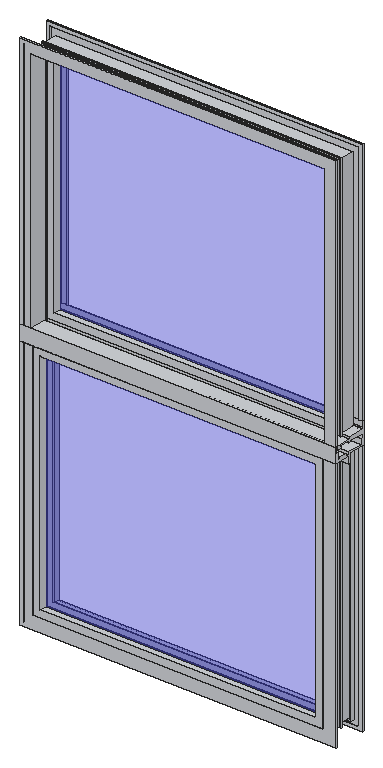
Revit family "1450HR_Fixed Over Fixed", category Windows, host Wall, Revit 2023
Family settings
  Host = Wall
  OmniClass Number = 23.30.20.00
  OmniClass Title = Windows
  Always vertical = Yes
  Cut with Voids When Loaded = No
  Shared = No
  Room Calculation Point = No
Parameters
  Keep Rail Mid = (Height - 0' 3 1/2") / 2  # 2' - 4 1/4"
  Height = 5' - 0"
  Glass Material = Glass
  Frame Material = none
  Depth From Exterior = 0' - 1"
  Default Sill Height = 3' - 0"
  Wall Closure = By host
  Width = 3' - 0"
Reference planes (in)
  plane 1 "Center (Front/Back)": y = 0
  plane 2: z = 0
  plane 3 "Center (Left/Right)": x = 0
  plane 4 "Left": x = -18
  plane 5 "Right": x = 18
  plane 6 "Sill": z = 36
  plane 7 "Top": z = 96
  plane 8: z = 67.75
  plane 9: z = 64.264
  plane 10: y = 2
  plane 11: y = 3
Forms (in)
  Sweep 1, solid
    path origin (0, 0, 0) x (1, 0, 0) y (0, 0, 1)
      loop
        line (18, 66.53805) -> (-18, 66.53805)
    profile origin (0, 0, 66.53805) x (0, 0, -1) y (0, -1, 0)
      loop
        line (-1.21195, -2) -> (1.06905, -2) -> (1.24305, -2) -> (1.24305, -0.04093) -> (2.27405, -0.04093) -> (2.27405, 0.08407) -> (1.49405, 0.08407) -> (1.49405, 1.978) -> (1.06905, 1.978) -> (-0.18095, 1.978) -> (-0.18095, 0) -> (-0.43112, 0) -> (-0.43112, -1.938) -> (-0.64995, -1.938) -> (-0.64995, -1.875) -> (-1.21195, -1.875) -> (-1.21195, -2)
      loop
        line (1.06905, 1.804) -> (0.69305, 1.804) -> (0.69305, 1.9155) -> (-0.11845, 1.9155) -> (-0.11845, 1.72871) -> (0.13705, 1.72871) -> (0.13705, 1.28589) -> (0.07455, 1.28589) -> (0.07455, 1.376) -> (-0.11845, 1.376) -> (-0.11845, 0) -> (0.07455, 0) -> (0.07455, 0.0905) -> (0.13705, 0.0905) -> (0.13705, -0.061) -> (-0.36862, -0.061) -> (-0.36862, -0.219) -> (0.00533, -0.219) -> (0.00533, -1.74219) -> (-0.36862, -1.74219) -> (-0.36862, -1.82151) -> (-0.26434, -1.938) -> (0.69305, -1.938) -> (0.69305, -1.826) -> (1.06905, -1.826) -> (1.06905, -1.785) -> (0.55505, -1.785) -> (0.49305, -1.723) -> (1.11805, -1.723) -> (1.11805, 0.08407) -> (1.36905, 0.08407) -> (1.36905, 0.55707) -> (1.02905, 0.55707) -> (1.02905, 1.36207) -> (1.24405, 1.36207) -> (1.24405, 1.58723) -> (1.28828, 1.68207) -> (1.36905, 1.76284) -> (1.36905, 1.83407) -> (1.18055, 1.83407) -> (1.18055, 1.75707)
        arc (1.18055, 1.75707) -> (1.15859, 1.70403) -> (1.10555, 1.68207) r 0.075
        line (1.10555, 1.68207) -> (0.49305, 1.68207) -> (0.55505, 1.74407) -> (1.06905, 1.74407) -> (1.06905, 1.804)
  Sweep 2, solid
    path origin (0, 0, 0) x (1, 0, 0) y (0, 0, 1)
      loop
        line (18, 65.295) -> (18, 36) -> (-18, 36) -> (-18, 65.295)
    profile origin (0, 0, 36) x (0, 0, -1) y (0, -1, 0)
      loop
        line (-1.25, -0.022) -> (-1.25, -2) -> (0, -2) -> (0, -1.826) -> (-0.376, -1.826) -> (-0.376, -1.9375) -> (-1.1875, -1.9375) -> (-1.1875, -1.74461) -> (-0.932, -1.74461) -> (-0.932, -1.30789) -> (-0.9945, -1.30789) -> (-0.9945, -1.398) -> (-1.1875, -1.398) -> (-1.1875, -0.06196) -> (-1.17679, -0.022) -> (-1.25, -0.022)
  Sweep 3, solid
    path origin (0, 0, 0) x (1, 0, 0) y (0, 0, 1)
      loop
        line (-16.75, 64.264) -> (-16.75, 37.25) -> (16.75, 37.25) -> (16.75, 64.264)
    profile origin (0, 0, 37.25) x (0, 0, 1) y (0, -1, 0)
      loop
        line (1.02959, -0.022) -> (1.02959, 0.103) -> (0.46759, 0.103) -> (0.46759, 0.04) -> (0.24876, 0.04) -> (0.24876, 0.103) -> (0.13838, 0.103) -> (0.07538, 0.04) -> (-0.318, 0.04) -> (-0.318, -0.022) -> (1.02959, -0.022)
  Sweep 4, solid
    path origin (0, 0, 0) x (1, 0, 0) y (0, 0, 1)
      loop
        line (-18, 65.044) -> (-18, 36) -> (18, 36) -> (18, 65.044)
    profile origin (0, 0, 36) x (0, 0, 1) y (0, -1, 0)
      loop
        line (0, 1.978) -> (0, 1.804) -> (0.376, 1.804) -> (0.376, 1.916) -> (1.33108, 1.916) -> (1.44308, 1.804) -> (1.44308, 1.759) -> (1.31072, 1.759) -> (1.31072, 1.69561) -> (1.06176, 1.69561) -> (1.06176, 0.23581) -> (1.43676, 0.23581) -> (1.43676, 0.15704) -> (1.38838, 0.103) -> (1.49876, 0.103) -> (1.49876, 1.978) -> (0, 1.978)
  Sweep 5, solid
    path origin (0, 0, 0) x (1, 0, 0) y (0, 0, 1)
      loop
        line (-16.50124, 37.49876) -> (16.50124, 37.49876) -> (16.50124, 65.044) -> (-16.50124, 65.044) -> (-16.50124, 37.49876)
    profile origin (0, 0, 37.49876) x (0, 0, 1) y (0, -1, 0)
      loop
        line (0.78093, 1.978) -> (0, 1.978) -> (0, 1.353) -> (0.35843, 1.353) -> (0.35843, 1.2) -> (0.78093, 1.2) -> (0.78093, 1.978)
  Sweep 6, solid
    path origin (0, 0, 0) x (1, 0, 0) y (0, 0, 1)
      loop
        line (-18, 66.719) -> (-18, 96) -> (18, 96) -> (18, 66.719)
    profile origin (0, 0, 96) x (0, 0, 1) y (0, -1, 0)
      loop
        line (-1.25, 0) -> (-1.1875, 0) -> (-1.1875, 1.376) -> (-0.9945, 1.376) -> (-0.9945, 1.28589) -> (-0.932, 1.28589) -> (-0.932, 1.72261) -> (-1.1875, 1.72261) -> (-1.1875, 1.9155) -> (-0.376, 1.9155) -> (-0.376, 1.804) -> (0, 1.804) -> (0, 1.978) -> (-1.25, 1.978) -> (-1.25, 0)
  Sweep 7, solid
    path origin (0, 0, 0) x (1, 0, 0) y (0, 0, 1)
      loop
        line (-16.75, 66.719) -> (-16.75, 94.75) -> (16.75, 94.75) -> (16.75, 66.719)
    profile origin (0, 0, 94.75) x (0, 0, 1) y (0, -1, 0)
      loop
        line (-0.25051, -1.875) -> (-0.13979, -1.875) -> (-0.18817, -1.82096) -> (-0.18817, -1.74219) -> (0.18683, -1.74219) -> (0.18683, -0.28227) -> (-0.06317, -0.28227) -> (-0.06317, -0.219) -> (-0.18767, -0.219) -> (-0.18767, -0.061) -> (0.318, -0.061) -> (0.318, 0.0905) -> (0.2555, 0.0905) -> (0.2555, 0.001) -> (-0.25051, 0.001) -> (-0.25051, -1.875)
  Sweep 8, solid
    path origin (0, 0, 0) x (1, 0, 0) y (0, 0, 1)
      loop
        line (18, 67.75) -> (18, 96) -> (-18, 96) -> (-18, 67.75)
    profile origin (0, 0, 96) x (0, 0, -1) y (0, -1, 0)
      loop
        line (2.281, -1.875) -> (1.719, -1.875) -> (1.719, -1.938) -> (1.50017, -1.938) -> (1.50017, -1.875) -> (1.38979, -1.875) -> (1.33339, -1.938) -> (0.376, -1.938) -> (0.376, -1.826) -> (0, -1.826) -> (0, -2) -> (2.281, -2) -> (2.281, -1.875)
  Sweep 9, solid
    path origin (0, 0, 0) x (1, 0, 0) y (0, 0, 1)
      loop
        line (-16.49949, 66.96917) -> (16.49949, 66.96917) -> (16.49949, 94.49949) -> (-16.49949, 94.49949) -> (-16.49949, 66.96917)
    profile origin (0, 0, 66.96917) x (0, 0, 1) y (0, -1, 0)
      loop
        line (0.78093, 0) -> (0, 0) -> (0, -0.625) -> (0.35843, -0.625) -> (0.35843, -0.778) -> (0.78093, -0.778) -> (0.78093, 0)
  Sweep 10, solid, material "Glass" <- "Glass Material"
    path origin (0, 0.08643, 0) x (0, 1, 0) y (0, 0, 1)
      loop
        line (-0.18943, 37.49876) -> (-0.18943, 65.044)
    profile origin (0, -0.103, 51.27138) x (0, -1, 0) y (1, 0, 0)
      loop
        line (0, -16.50124) -> (0.25, -16.50124) -> (0.25, 16.50124) -> (0, 16.50124) -> (0, -16.50124)
      loop
        line (0.75, -16.50124) -> (1, -16.50124) -> (1, 16.50124) -> (0.75, 16.50124) -> (0.75, -16.50124)
  Sweep 11, solid, material "Glass" <- "Glass Material"
    path origin (0, 0.08643, 0) x (0, 1, 0) y (0, 0, 1)
      loop
        line (1.78857, 66.96917) -> (1.78857, 94.49949)
    profile origin (0, 1.875, 80.73433) x (0, -1, 0) y (1, 0, 0)
      loop
        line (0.049, -16.75) -> (0.299, -16.75) -> (0.299, 16.75) -> (0.049, 16.75) -> (0.049, -16.75)
      loop
        line (0.799, -16.75) -> (1.049, -16.75) -> (1.049, 16.75) -> (0.799, 16.75) -> (0.799, -16.75)
  Sweep 12, solid, not visible
    path origin (0, -0.08643, 0) x (1, 0, 0) y (0, 0, 1)
      loop
        line (-18, 66.719) -> (-18, 96) -> (18, 96) -> (18, 66.719)
    profile origin (0, -0.08643, 96) x (0, 0, 1) y (0, -1, 0)
      loop
        line (-1.25, 0) -> (-1.1875, 0) -> (-1.1875, 1.376) -> (-0.9945, 1.376) -> (-0.9945, 1.28589) -> (-0.932, 1.28589) -> (-0.932, 1.72261) -> (-1.1875, 1.72261) -> (-1.1875, 1.9155) -> (-0.376, 1.9155) -> (-0.376, 1.804) -> (0, 1.804) -> (0, 1.978) -> (-1.25, 1.978) -> (-1.25, 0)
  Sweep 13, solid, not visible
    path origin (0, -0.08643, 0) x (1, 0, 0) y (0, 0, 1)
      loop
        line (-16.75, 66.719) -> (-16.75, 94.75) -> (16.75, 94.75) -> (16.75, 66.719)
    profile origin (0, -0.08643, 94.75) x (0, 0, 1) y (0, -1, 0)
      loop
        line (-0.25051, -1.875) -> (-0.13979, -1.875) -> (-0.18817, -1.82096) -> (-0.18817, -1.74219) -> (0.18683, -1.74219) -> (0.18683, -0.28227) -> (-0.06317, -0.28227) -> (-0.06317, -0.219) -> (-0.18767, -0.219) -> (-0.18767, -0.061) -> (0.318, -0.061) -> (0.318, 0.0905) -> (0.2555, 0.0905) -> (0.2555, 0.001) -> (-0.25051, 0.001) -> (-0.25051, -1.875)
  Sweep 14, solid, not visible
    path origin (0, -0.08643, 0) x (1, 0, 0) y (0, 0, 1)
      loop
        line (18, 67.75) -> (18, 96) -> (-18, 96) -> (-18, 67.75)
    profile origin (0, -0.08643, 96) x (0, 0, -1) y (0, -1, 0)
      loop
        line (2.281, -1.875) -> (1.719, -1.875) -> (1.719, -1.938) -> (1.50017, -1.938) -> (1.50017, -1.875) -> (1.38979, -1.875) -> (1.33339, -1.938) -> (0.376, -1.938) -> (0.376, -1.826) -> (0, -1.826) -> (0, -2) -> (2.281, -2) -> (2.281, -1.875)
  Sweep 15, solid, not visible
    path origin (0, -0.08643, 0) x (1, 0, 0) y (0, 0, 1)
      loop
        line (-16.49949, 66.96917) -> (16.49949, 66.96917) -> (16.49949, 94.49949) -> (-16.49949, 94.49949) -> (-16.49949, 66.96917)
    profile origin (0, -0.08643, 66.96917) x (0, 0, 1) y (0, -1, 0)
      loop
        line (0.78093, 0) -> (0, 0) -> (0, -0.625) -> (0.35843, -0.625) -> (0.35843, -0.778) -> (0.78093, -0.778) -> (0.78093, 0)
  Sweep 16, solid, not visible
    path origin (0, -0.08643, 0) x (1, 0, 0) y (0, 0, 1)
      loop
        line (18, 65.295) -> (18, 36) -> (-18, 36) -> (-18, 65.295)
    profile origin (0, -0.08643, 36) x (0, 0, -1) y (0, -1, 0)
      loop
        line (-1.25, -0.022) -> (-1.25, -2) -> (0, -2) -> (0, -1.826) -> (-0.376, -1.826) -> (-0.376, -1.9375) -> (-1.1875, -1.9375) -> (-1.1875, -1.74461) -> (-0.932, -1.74461) -> (-0.932, -1.30789) -> (-0.9945, -1.30789) -> (-0.9945, -1.398) -> (-1.1875, -1.398) -> (-1.1875, -0.06196) -> (-1.17679, -0.022) -> (-1.25, -0.022)
  Sweep 17, solid, not visible
    path origin (0, -0.08643, 0) x (1, 0, 0) y (0, 0, 1)
      loop
        line (-16.75, 64.264) -> (-16.75, 37.25) -> (16.75, 37.25) -> (16.75, 64.264)
    profile origin (0, -0.08643, 37.25) x (0, 0, 1) y (0, -1, 0)
      loop
        line (1.02959, -0.022) -> (1.02959, 0.103) -> (0.46759, 0.103) -> (0.46759, 0.04) -> (0.24876, 0.04) -> (0.24876, 0.103) -> (0.13838, 0.103) -> (0.07538, 0.04) -> (-0.318, 0.04) -> (-0.318, -0.022) -> (1.02959, -0.022)
  Sweep 18, solid, not visible
    path origin (0, -0.08643, 0) x (1, 0, 0) y (0, 0, 1)
      loop
        line (-18, 65.044) -> (-18, 36) -> (18, 36) -> (18, 65.044)
    profile origin (0, -0.08643, 36) x (0, 0, 1) y (0, -1, 0)
      loop
        line (0, 1.978) -> (0, 1.804) -> (0.376, 1.804) -> (0.376, 1.916) -> (1.33108, 1.916) -> (1.44308, 1.804) -> (1.44308, 1.759) -> (1.31072, 1.759) -> (1.31072, 1.69561) -> (1.06176, 1.69561) -> (1.06176, 0.23581) -> (1.43676, 0.23581) -> (1.43676, 0.15704) -> (1.38838, 0.103) -> (1.49876, 0.103) -> (1.49876, 1.978) -> (0, 1.978)
  Sweep 19, solid, not visible
    path origin (0, -0.08643, 0) x (1, 0, 0) y (0, 0, 1)
      loop
        line (-16.50124, 37.49876) -> (16.50124, 37.49876) -> (16.50124, 65.044) -> (-16.50124, 65.044) -> (-16.50124, 37.49876)
    profile origin (0, -0.08643, 37.49876) x (0, 0, 1) y (0, -1, 0)
      loop
        line (0.78093, 1.978) -> (0, 1.978) -> (0, 1.353) -> (0.35843, 1.353) -> (0.35843, 1.2) -> (0.78093, 1.2) -> (0.78093, 1.978)
  Sweep 20, solid, not visible
    path origin (0, 0, 0) x (1, 0, 0) y (0, 0, 1)
      loop
        line (-18, 66.719) -> (-18, 96) -> (18, 96) -> (18, 66.719)
    profile origin (0, 0, 96) x (0, 0, 1) y (0, -1, 0)
      loop
        line (-1.25, 0) -> (-1.1875, 0) -> (-1.1875, 1.376) -> (-0.9945, 1.376) -> (-0.9945, 1.28589) -> (-0.932, 1.28589) -> (-0.932, 1.72261) -> (-1.1875, 1.72261) -> (-1.1875, 1.9155) -> (-0.376, 1.9155) -> (-0.376, 1.804) -> (0, 1.804) -> (0, 1.978) -> (-1.25, 1.978) -> (-1.25, 0)
  Sweep 21, solid, not visible
    path origin (0, 0, 0) x (1, 0, 0) y (0, 0, 1)
      loop
        line (-16.75, 66.719) -> (-16.75, 94.75) -> (16.75, 94.75) -> (16.75, 66.719)
    profile origin (0, 0, 94.75) x (0, 0, 1) y (0, -1, 0)
      loop
        line (-0.25051, -1.875) -> (-0.13979, -1.875) -> (-0.18817, -1.82096) -> (-0.18817, -1.74219) -> (0.18683, -1.74219) -> (0.18683, -0.28227) -> (-0.06317, -0.28227) -> (-0.06317, -0.219) -> (-0.18767, -0.219) -> (-0.18767, -0.061) -> (0.318, -0.061) -> (0.318, 0.0905) -> (0.2555, 0.0905) -> (0.2555, 0.001) -> (-0.25051, 0.001) -> (-0.25051, -1.875)
  Sweep 22, solid, not visible
    path origin (0, 0, 0) x (1, 0, 0) y (0, 0, 1)
      loop
        line (18, 67.75) -> (18, 96) -> (-18, 96) -> (-18, 67.75)
    profile origin (0, 0, 96) x (0, 0, -1) y (0, -1, 0)
      loop
        line (2.281, -1.875) -> (1.719, -1.875) -> (1.719, -1.938) -> (1.50017, -1.938) -> (1.50017, -1.875) -> (1.38979, -1.875) -> (1.33339, -1.938) -> (0.376, -1.938) -> (0.376, -1.826) -> (0, -1.826) -> (0, -2) -> (2.281, -2) -> (2.281, -1.875)
  Sweep 23, solid, not visible
    path origin (0, 0, 0) x (1, 0, 0) y (0, 0, 1)
      loop
        line (-16.49949, 66.96917) -> (16.49949, 66.96917) -> (16.49949, 94.49949) -> (-16.49949, 94.49949) -> (-16.49949, 66.96917)
    profile origin (0, 0, 66.96917) x (0, 0, 1) y (0, -1, 0)
      loop
        line (0.78093, 0) -> (0, 0) -> (0, -0.625) -> (0.35843, -0.625) -> (0.35843, -0.778) -> (0.78093, -0.778) -> (0.78093, 0)
  Sweep 24, solid, material "Glass" <- "Glass Material", not visible
    path origin (0, 0.08643, 0) x (0, 1, 0) y (0, 0, 1)
      loop
        line (1.78857, 66.96917) -> (1.78857, 94.49949)
    profile origin (0, 1.875, 80.73433) x (0, -1, 0) y (1, 0, 0)
      loop
        line (0.049, -16.75) -> (0.299, -16.75) -> (0.299, 16.75) -> (0.049, 16.75) -> (0.049, -16.75)
      loop
        line (0.799, -16.75) -> (1.049, -16.75) -> (1.049, 16.75) -> (0.799, 16.75) -> (0.799, -16.75)
  Sweep 25, solid, not visible
    path origin (0, 0, 0) x (1, 0, 0) y (0, 0, 1)
      loop
        line (18, 66.53805) -> (-18, 66.53805)
    profile origin (0, 0, 66.53805) x (0, 0, -1) y (0, -1, 0)
      loop
        line (-1.21195, -2) -> (1.06905, -2) -> (1.24305, -2) -> (1.24305, -0.04093) -> (2.27405, -0.04093) -> (2.27405, 0.08407) -> (1.49405, 0.08407) -> (1.49405, 1.978) -> (1.06905, 1.978) -> (-0.18095, 1.978) -> (-0.18095, 0) -> (-0.43112, 0) -> (-0.43112, -1.938) -> (-0.64995, -1.938) -> (-0.64995, -1.875) -> (-1.21195, -1.875) -> (-1.21195, -2)
      loop
        line (1.06905, 1.804) -> (0.69305, 1.804) -> (0.69305, 1.9155) -> (-0.11845, 1.9155) -> (-0.11845, 1.72871) -> (0.13705, 1.72871) -> (0.13705, 1.28589) -> (0.07455, 1.28589) -> (0.07455, 1.376) -> (-0.11845, 1.376) -> (-0.11845, 0) -> (0.07455, 0) -> (0.07455, 0.0905) -> (0.13705, 0.0905) -> (0.13705, -0.061) -> (-0.36862, -0.061) -> (-0.36862, -0.219) -> (0.00533, -0.219) -> (0.00533, -1.74219) -> (-0.36862, -1.74219) -> (-0.36862, -1.82151) -> (-0.26434, -1.938) -> (0.69305, -1.938) -> (0.69305, -1.826) -> (1.06905, -1.826) -> (1.06905, -1.785) -> (0.55505, -1.785) -> (0.49305, -1.723) -> (1.11805, -1.723) -> (1.11805, 0.08407) -> (1.36905, 0.08407) -> (1.36905, 0.55707) -> (1.02905, 0.55707) -> (1.02905, 1.36207) -> (1.24405, 1.36207) -> (1.24405, 1.58723) -> (1.28828, 1.68207) -> (1.36905, 1.76284) -> (1.36905, 1.83407) -> (1.18055, 1.83407) -> (1.18055, 1.75707)
        arc (1.18055, 1.75707) -> (1.15859, 1.70403) -> (1.10555, 1.68207) r 0.075
        line (1.10555, 1.68207) -> (0.49305, 1.68207) -> (0.55505, 1.74407) -> (1.06905, 1.74407) -> (1.06905, 1.804)
  Sweep 26, solid, not visible
    path origin (0, 0, 0) x (1, 0, 0) y (0, 0, 1)
      loop
        line (18, 65.295) -> (18, 36) -> (-18, 36) -> (-18, 65.295)
    profile origin (0, 0, 36) x (0, 0, -1) y (0, -1, 0)
      loop
        line (-1.25, -0.022) -> (-1.25, -2) -> (0, -2) -> (0, -1.826) -> (-0.376, -1.826) -> (-0.376, -1.9375) -> (-1.1875, -1.9375) -> (-1.1875, -1.74461) -> (-0.932, -1.74461) -> (-0.932, -1.30789) -> (-0.9945, -1.30789) -> (-0.9945, -1.398) -> (-1.1875, -1.398) -> (-1.1875, -0.06196) -> (-1.17679, -0.022) -> (-1.25, -0.022)
  Sweep 27, solid, not visible
    path origin (0, 0, 0) x (1, 0, 0) y (0, 0, 1)
      loop
        line (-16.75, 64.264) -> (-16.75, 37.25) -> (16.75, 37.25) -> (16.75, 64.264)
    profile origin (0, 0, 37.25) x (0, 0, 1) y (0, -1, 0)
      loop
        line (1.02959, -0.022) -> (1.02959, 0.103) -> (0.46759, 0.103) -> (0.46759, 0.04) -> (0.24876, 0.04) -> (0.24876, 0.103) -> (0.13838, 0.103) -> (0.07538, 0.04) -> (-0.318, 0.04) -> (-0.318, -0.022) -> (1.02959, -0.022)
  Sweep 28, solid, not visible
    path origin (0, 0, 0) x (1, 0, 0) y (0, 0, 1)
      loop
        line (-18, 65.044) -> (-18, 36) -> (18, 36) -> (18, 65.044)
    profile origin (0, 0, 36) x (0, 0, 1) y (0, -1, 0)
      loop
        line (0, 1.978) -> (0, 1.804) -> (0.376, 1.804) -> (0.376, 1.916) -> (1.33108, 1.916) -> (1.44308, 1.804) -> (1.44308, 1.759) -> (1.31072, 1.759) -> (1.31072, 1.69561) -> (1.06176, 1.69561) -> (1.06176, 0.23581) -> (1.43676, 0.23581) -> (1.43676, 0.15704) -> (1.38838, 0.103) -> (1.49876, 0.103) -> (1.49876, 1.978) -> (0, 1.978)
  Sweep 29, solid, not visible
    path origin (0, 0, 0) x (1, 0, 0) y (0, 0, 1)
      loop
        line (-16.50124, 37.49876) -> (16.50124, 37.49876) -> (16.50124, 65.044) -> (-16.50124, 65.044) -> (-16.50124, 37.49876)
    profile origin (0, 0, 37.49876) x (0, 0, 1) y (0, -1, 0)
      loop
        line (0.78093, 1.978) -> (0, 1.978) -> (0, 1.353) -> (0.35843, 1.353) -> (0.35843, 1.2) -> (0.78093, 1.2) -> (0.78093, 1.978)
  Sweep 30, solid, not visible
    path origin (0, 0, 0) x (1, 0, 0) y (0, 0, 1)
      loop
        line (-18, 66.719) -> (-18, 96) -> (18, 96) -> (18, 66.719)
    profile origin (0, 0, 96) x (0, 0, 1) y (0, -1, 0)
      loop
        line (-1.25, 0) -> (-1.1875, 0) -> (-1.1875, 1.376) -> (-0.9945, 1.376) -> (-0.9945, 1.28589) -> (-0.932, 1.28589) -> (-0.932, 1.72261) -> (-1.1875, 1.72261) -> (-1.1875, 1.9155) -> (-0.376, 1.9155) -> (-0.376, 1.804) -> (0, 1.804) -> (0, 1.978) -> (-1.25, 1.978) -> (-1.25, 0)
  Sweep 31, solid, not visible
    path origin (0, 0, 0) x (1, 0, 0) y (0, 0, 1)
      loop
        line (-16.75, 66.719) -> (-16.75, 94.75) -> (16.75, 94.75) -> (16.75, 66.719)
    profile origin (0, 0, 94.75) x (0, 0, 1) y (0, -1, 0)
      loop
        line (-0.25051, -1.875) -> (-0.13979, -1.875) -> (-0.18817, -1.82096) -> (-0.18817, -1.74219) -> (0.18683, -1.74219) -> (0.18683, -0.28227) -> (-0.06317, -0.28227) -> (-0.06317, -0.219) -> (-0.18767, -0.219) -> (-0.18767, -0.061) -> (0.318, -0.061) -> (0.318, 0.0905) -> (0.2555, 0.0905) -> (0.2555, 0.001) -> (-0.25051, 0.001) -> (-0.25051, -1.875)
  Sweep 32, solid, not visible
    path origin (0, 0, 0) x (1, 0, 0) y (0, 0, 1)
      loop
        line (18, 67.75) -> (18, 96) -> (-18, 96) -> (-18, 67.75)
    profile origin (0, 0, 96) x (0, 0, -1) y (0, -1, 0)
      loop
        line (2.281, -1.875) -> (1.719, -1.875) -> (1.719, -1.938) -> (1.50017, -1.938) -> (1.50017, -1.875) -> (1.38979, -1.875) -> (1.33339, -1.938) -> (0.376, -1.938) -> (0.376, -1.826) -> (0, -1.826) -> (0, -2) -> (2.281, -2) -> (2.281, -1.875)
  Sweep 33, solid, not visible
    path origin (0, 0, 0) x (1, 0, 0) y (0, 0, 1)
      loop
        line (-16.49949, 66.96917) -> (16.49949, 66.96917) -> (16.49949, 94.49949) -> (-16.49949, 94.49949) -> (-16.49949, 66.96917)
    profile origin (0, 0, 66.96917) x (0, 0, 1) y (0, -1, 0)
      loop
        line (0.78093, 0) -> (0, 0) -> (0, -0.625) -> (0.35843, -0.625) -> (0.35843, -0.778) -> (0.78093, -0.778) -> (0.78093, 0)
  Sweep 34, solid, material "Glass" <- "Glass Material", not visible
    path origin (0, 0.08643, 0) x (0, 1, 0) y (0, 0, 1)
      loop
        line (-0.18943, 37.49876) -> (-0.18943, 65.044)
    profile origin (0, -0.103, 51.27138) x (0, -1, 0) y (1, 0, 0)
      loop
        line (0, -16.50124) -> (0.25, -16.50124) -> (0.25, 16.50124) -> (0, 16.50124) -> (0, -16.50124)
      loop
        line (0.75, -16.50124) -> (1, -16.50124) -> (1, 16.50124) -> (0.75, 16.50124) -> (0.75, -16.50124)
  Sweep 35, solid, material "Glass" <- "Glass Material", not visible
    path origin (0, 0.08643, 0) x (0, 1, 0) y (0, 0, 1)
      loop
        line (1.78857, 66.96917) -> (1.78857, 94.49949)
    profile origin (0, 1.875, 80.73433) x (0, -1, 0) y (1, 0, 0)
      loop
        line (0.049, -16.75) -> (0.299, -16.75) -> (0.299, 16.75) -> (0.049, 16.75) -> (0.049, -16.75)
      loop
        line (0.799, -16.75) -> (1.049, -16.75) -> (1.049, 16.75) -> (0.799, 16.75) -> (0.799, -16.75)
Lines and regions (in)
  Opening 1
    outline origin (-60, -3, 0) x (1, 0, 0) y (0, 0, 1)
      loop
        line (42, 96) -> (42, 36) -> (78, 36) -> (78, 96) -> (42, 96)
Text (in)
  text "EXTERIOR" at (-58.6888, 50.90694, 0), in view "Ref. Level"
  text "INTERIOR" at (-58.6888, -37.76638, 0), in view "Ref. Level"
  text "Exterior" at (0, 43.65631, 123.19604), in view "Left"
  text "Exterior" at (0, 18.29385, 125.04747), in view "Right"
Dimensions and locks (in)
  equal spacing: plane 4 "Left", plane 3 "Center (Left/Right)", plane 5 "Right"
  "Height": plane 6 "Sill" to plane 7 "Top"
  "Default Sill Height": plane 2 to plane 6 "Sill"
  "Width": plane 4 "Left" to plane 5 "Right"
  locked: plane 9 to plane 8 at 3.486
  "Keep Rail Mid": plane 8 to plane 7 "Top"
  "Depth From Exterior": plane 11 to plane 10
  aligned and locked: plane 7 "Top" to Opening 1 sketch curve
  aligned and locked: plane 6 "Sill" to Opening 1 sketch curve  (x2)
  aligned and locked: plane 5 "Right" to Opening 1 sketch curve
  aligned and locked: plane 4 "Left" to Opening 1 sketch curve
  aligned and locked: level to plane 2
  aligned and locked: Sweep 1 sketch curve to Sweep 1 sketch curve
  aligned and locked: Sweep 3 sketch curve to Sweep 2  (x3)
  aligned and locked: Sweep 5 sketch curve to Sweep 4  (x3)
  aligned and locked: plane 8 to Sweep 1
  aligned and locked: plane 9 to Sweep 1
  aligned and locked: Sweep 7 sketch curve to Sweep 6  (x3)
  aligned and locked: Sweep 9 sketch curve to Sweep 7  (x3)
  aligned and locked: plane 11 to host wall
  aligned and locked: plane 10 to Sweep 2
  aligned and locked: Sweep 13 sketch curve to Sweep 12  (x3)
  aligned and locked: Sweep 15 sketch curve to Sweep 13  (x3)
  aligned and locked: Sweep 17 sketch curve to Sweep 16  (x3)
  aligned and locked: Sweep 19 sketch curve to Sweep 18  (x3)
  aligned and locked: Sweep 1 to plane 10
  aligned and locked: Sweep 8 to plane 10
  aligned and locked: Sweep 21 sketch curve to Sweep 20  (x3)
  aligned and locked: Sweep 23 sketch curve to Sweep 21  (x3)
  aligned and locked: Sweep 25 sketch curve to Sweep 25 sketch curve
  aligned and locked: Sweep 27 sketch curve to Sweep 26  (x3)
  aligned and locked: Sweep 29 sketch curve to Sweep 28  (x3)
  aligned and locked: Sweep 31 sketch curve to Sweep 30  (x3)
  aligned and locked: Sweep 33 sketch curve to Sweep 31  (x3)
Automatic sketch dimensions
  profile plane to Sweep 1 sketch curve = 0' - 1.21195"
  Sweep 1 sketch curve to Sweep 1 sketch curve = 0' - 0.562"
  profile plane to Sweep 1 sketch curve = 0' - 0.43112"
  Sweep 1 sketch curve to Sweep 1 sketch curve = 0' - 0 1/16"  (x4)
  Sweep 1 sketch curve to Sweep 1 sketch curve = 0' - 0.10428"
  profile plane to Sweep 1 sketch curve = 0' - 0.18095"
  profile plane to Sweep 1 sketch curve = 0' - 0.11845"
  Sweep 1 sketch curve to profile plane = 0' - 0.00533"
  Sweep 1 sketch curve to profile plane = 0' - 0.07455"  (x2)
  Sweep 1 sketch curve to profile plane = 0' - 0.13705"
  Sweep 1 sketch curve to Sweep 1 sketch curve = 0' - 0.356"
  Sweep 1 sketch curve to Sweep 1 sketch curve = 0' - 0.48773"
  Sweep 1 sketch curve to Sweep 1 sketch curve = 0' - 0.062"  (x3)
  Sweep 1 sketch curve to Sweep 1 sketch curve = 0' - 0.138"  (x2)
  Sweep 1 sketch curve to Sweep 1 sketch curve = 0' - 0.336"
  Sweep 1 sketch curve to Sweep 1 sketch curve = 0' - 0.376"  (x2)
  Sweep 1 sketch curve to Sweep 1 sketch curve = 0' - 0"  (x3)
  Sweep 1 sketch curve to Sweep 1 sketch curve = 0' - 0.0365"
  Sweep 1 sketch curve to Sweep 1 sketch curve = 0' - 0.049"
  Sweep 1 sketch curve to Sweep 1 sketch curve = 0' - 0.075"
  Sweep 1 sketch curve to Sweep 1 sketch curve = 0' - 0 1/8"  (x3)
  Sweep 1 sketch curve to Sweep 1 sketch curve = 0' - 0.215"
  Sweep 1 sketch curve to Sweep 1 sketch curve = 0' - 0.04422"
  Sweep 1 sketch curve to Sweep 1 sketch curve = 0' - 0.08078"  (x2)
  Sweep 1 sketch curve to Sweep 1 sketch curve = 0' - 0.126"
  Sweep 1 sketch curve to Sweep 1 sketch curve = 0' - 0.78"
  Sweep 1 sketch curve to Sweep 1 sketch curve = 0' - 1.504"
  Sweep 1 sketch curve to Sweep 1 sketch curve = 0' - 0.01919"
  Sweep 1 sketch curve to Sweep 1 sketch curve = 0' - 0.07932"
  Sweep 1 sketch curve to Sweep 1 sketch curve = 0' - 0.041"
  Sweep 1 sketch curve to Sweep 1 sketch curve = 0' - 0.05349"
  Sweep 1 sketch curve to Sweep 1 sketch curve = 0' - 0.11649"  (x2)
  Sweep 1 sketch curve to Sweep 1 sketch curve = 0' - 0.174"
  Sweep 1 sketch curve to Sweep 1 sketch curve = 0' - 0.0905"
  Sweep 1 sketch curve to Sweep 1 sketch curve = 0' - 0.473"
  Sweep 1 sketch curve to Sweep 1 sketch curve = 0' - 0.72882"
  Sweep 1 sketch curve to Sweep 1 sketch curve = 0' - 0.805"
  Sweep 1 sketch curve to Sweep 1 sketch curve = 0' - 0.09011"
  Sweep 1 sketch curve to Sweep 1 sketch curve = 0' - 0.22516"
  Sweep 1 sketch curve to Sweep 1 sketch curve = 0' - 0.09484"  (x2)
  Sweep 1 sketch curve to Sweep 1 sketch curve = 0' - 0.35271"
  Sweep 1 sketch curve to Sweep 1 sketch curve = 0' - 0.013"
  Sweep 1 sketch curve to Sweep 1 sketch curve = 0' - 0.05993"
  Sweep 1 sketch curve to Sweep 1 sketch curve = 0' - 0.07122"
  Sweep 1 sketch curve to Sweep 1 sketch curve = 0' - 0.1115"
  Sweep 1 sketch curve to Sweep 1 sketch curve = 0' - 0.14393"
  profile plane to Sweep 2 sketch curve = 0' - 1 3/16"
  Sweep 2 sketch curve to Sweep 2 sketch curve = 0' - 0"
  Sweep 2 sketch curve to Sweep 2 sketch curve = 0' - 0.01071"
  Sweep 2 sketch curve to Sweep 2 sketch curve = 0' - 0.193"
  Sweep 2 sketch curve to Sweep 2 sketch curve = 0' - 0 1/16"  (x2)
  Sweep 2 sketch curve to Sweep 2 sketch curve = 0' - 0.556"
  Sweep 2 sketch curve to Sweep 2 sketch curve = 0' - 0.376"
  Sweep 2 sketch curve to Sweep 2 sketch curve = 0' - 0.174"
  Sweep 2 sketch curve to Sweep 2 sketch curve = 0' - 0.19289"
  Sweep 2 sketch curve to Sweep 2 sketch curve = 0' - 0.34661"
  Sweep 2 sketch curve to Sweep 2 sketch curve = 0' - 0.09011"
  Sweep 2 sketch curve to Sweep 2 sketch curve = 0' - 1.24593"
  Sweep 2 sketch curve to Sweep 2 sketch curve = 0' - 0.03996"
  Sweep 2 sketch curve to Sweep 2 sketch curve = 0' - 0.07321"
  Sweep 3 sketch curve to profile plane = 0' - 0.07538"
  Sweep 3 sketch curve to Sweep 3 sketch curve = 0' - 0.063"  (x3)
  Sweep 3 sketch curve to Sweep 3 sketch curve = 0' - 0.11038"
  Sweep 3 sketch curve to Sweep 3 sketch curve = 0' - 0.21883"
  Sweep 3 sketch curve to Sweep 3 sketch curve = 0' - 0.562"
  Sweep 3 sketch curve to Sweep 3 sketch curve = 0' - 0.062"
  Sweep 3 sketch curve to Sweep 3 sketch curve = 0' - 0"
  Sweep 3 sketch curve to Sweep 3 sketch curve = 0' - 0.39338"
  Sweep 4 sketch curve to profile plane = 0' - 0"
  Sweep 4 sketch curve to Sweep 4 sketch curve = 0' - 0.376"
  Sweep 4 sketch curve to Sweep 4 sketch curve = 0' - 0.68576"
  Sweep 4 sketch curve to Sweep 4 sketch curve = 0' - 0.24896"
  Sweep 4 sketch curve to Sweep 4 sketch curve = 0' - 0.02036"
  Sweep 4 sketch curve to Sweep 4 sketch curve = 0' - 0.32662"
  Sweep 4 sketch curve to Sweep 4 sketch curve = 0' - 0.04838"
  Sweep 4 sketch curve to Sweep 4 sketch curve = 0' - 0.13236"
  Sweep 4 sketch curve to Sweep 4 sketch curve = 0' - 0.062"  (x2)
  Sweep 4 sketch curve to Sweep 4 sketch curve = 0' - 0.05404"
  Sweep 4 sketch curve to Sweep 4 sketch curve = 0' - 0.07876"
  Sweep 4 sketch curve to Sweep 4 sketch curve = 0' - 1.4598"
  Sweep 4 sketch curve to Sweep 4 sketch curve = 0' - 0.06339"
  Sweep 4 sketch curve to Sweep 4 sketch curve = 0' - 0.045"
  Sweep 4 sketch curve to Sweep 4 sketch curve = 0' - 0.10839"
  Sweep 4 sketch curve to Sweep 4 sketch curve = 0' - 0.157"
  Sweep 5 sketch curve to profile plane = 0' - 0"
  Sweep 5 sketch curve to Sweep 5 sketch curve = 0' - 0.35843"
  Sweep 5 sketch curve to Sweep 5 sketch curve = 0' - 0.4225"
  Sweep 5 sketch curve to Sweep 5 sketch curve = 0' - 0.153"
  Sweep 5 sketch curve to Sweep 5 sketch curve = 0' - 0 5/8"
  profile plane to Sweep 6 sketch curve = 0' - 1 3/16"
  Sweep 6 sketch curve to Sweep 6 sketch curve = 0' - 0"
  Sweep 6 sketch curve to Sweep 6 sketch curve = 0' - 0.193"
  Sweep 6 sketch curve to Sweep 6 sketch curve = 0' - 0 1/16"  (x2)
  Sweep 6 sketch curve to Sweep 6 sketch curve = 0' - 0.556"
  Sweep 6 sketch curve to Sweep 6 sketch curve = 0' - 0.376"
  Sweep 6 sketch curve to Sweep 6 sketch curve = 0' - 1.28589"
  Sweep 6 sketch curve to Sweep 6 sketch curve = 0' - 0.09011"
  Sweep 6 sketch curve to Sweep 6 sketch curve = 0' - 0.34661"
  Sweep 6 sketch curve to Sweep 6 sketch curve = 0' - 0.08139"
  Sweep 6 sketch curve to Sweep 6 sketch curve = 0' - 0.1115"
  Sweep 6 sketch curve to Sweep 6 sketch curve = 0' - 0.174"
  profile plane to Sweep 7 sketch curve = 0' - 0.25051"
  Sweep 7 sketch curve to Sweep 7 sketch curve = 0' - 0.06234"
  Sweep 7 sketch curve to Sweep 7 sketch curve = 0' - 0.06284"
  Sweep 7 sketch curve to Sweep 7 sketch curve = 0' - 0.04838"
  Sweep 7 sketch curve to Sweep 7 sketch curve = 0' - 0.1245"
  Sweep 7 sketch curve to Sweep 7 sketch curve = 0' - 0 1/4"
  Sweep 7 sketch curve to Sweep 7 sketch curve = 0' - 0.06867"
  Sweep 7 sketch curve to Sweep 7 sketch curve = 0' - 0 1/16"
  Sweep 7 sketch curve to Sweep 7 sketch curve = 0' - 0.05404"
  Sweep 7 sketch curve to Sweep 7 sketch curve = 0' - 0 17/128"
  Sweep 7 sketch curve to Sweep 7 sketch curve = 0' - 1.45993"
  Sweep 7 sketch curve to Sweep 7 sketch curve = 0' - 0.06327"
  Sweep 7 sketch curve to Sweep 7 sketch curve = 0' - 0.158"
  Sweep 7 sketch curve to Sweep 7 sketch curve = 0' - 0.062"
  Sweep 7 sketch curve to Sweep 7 sketch curve = 0' - 0.0895"
  Sweep 8 sketch curve to profile plane = 0' - 0"
  Sweep 8 sketch curve to Sweep 8 sketch curve = 0' - 0.376"
  Sweep 8 sketch curve to Sweep 8 sketch curve = 0' - 0.95739"
  Sweep 8 sketch curve to Sweep 8 sketch curve = 0' - 0.0564"
  Sweep 8 sketch curve to Sweep 8 sketch curve = 0' - 0.11038"
  Sweep 8 sketch curve to Sweep 8 sketch curve = 0' - 0.21883"
  Sweep 8 sketch curve to Sweep 8 sketch curve = 0' - 0.062"  (x2)
  Sweep 8 sketch curve to Sweep 8 sketch curve = 0' - 0.063"  (x2)
  Sweep 8 sketch curve to Sweep 8 sketch curve = 0' - 0.112"
  Sweep 8 sketch curve to Sweep 8 sketch curve = 0' - 0.562"
  profile plane to Sweep 9 sketch curve = 0' - 0"
  Sweep 9 sketch curve to Sweep 9 sketch curve = 0' - 0.35843"
  Sweep 9 sketch curve to Sweep 9 sketch curve = 0' - 0.4225"
  Sweep 9 sketch curve to Sweep 9 sketch curve = 0' - 0.153"
  Sweep 9 sketch curve to Sweep 9 sketch curve = 0' - 0 5/8"
  profile plane to Sweep 10 sketch curve = 0' - 0"
  Sweep 10 sketch curve to Sweep 10 sketch curve = 0' - 0 1/4"  (x2)
  Sweep 10 sketch curve to Sweep 10 sketch curve = 0' - 0 3/4"
  Sweep 11 sketch curve to profile plane = 0' - 0.049"
  Sweep 11 sketch curve to Sweep 11 sketch curve = 0' - 0 1/4"  (x2)
  Sweep 11 sketch curve to Sweep 11 sketch curve = 0' - 0 3/4"
  Sweep 2 sketch curve to Sweep 2 sketch curve = 3' - 0"
  Sweep 2 sketch curve to Sweep 2 sketch curve = 2' - 5.295"  (x2)
  Sweep 2 sketch curve to profile plane = 0' - 2"
  Sweep 3 sketch curve to Sweep 3 sketch curve = 2' - 3.014"  (x2)
  Sweep 3 sketch curve to profile plane = 0' - 0.022"
  Sweep 4 sketch curve to Sweep 4 sketch curve = 3' - 0"
  Sweep 4 sketch curve to Sweep 4 sketch curve = 2' - 5.044"  (x2)
  profile plane to Sweep 4 sketch curve = 0' - 0.103"
  Sweep 5 sketch curve to Sweep 5 sketch curve = 2' - 3.54524"
  profile plane to Sweep 5 sketch curve = 0' - 1.2"
  Sweep 6 sketch curve to Sweep 6 sketch curve = 3' - 0"
  Sweep 6 sketch curve to Sweep 6 sketch curve = 2' - 5.281"  (x2)
  profile plane to Sweep 6 sketch curve = 0' - 0"
  Sweep 7 sketch curve to Sweep 7 sketch curve = 2' - 4.031"  (x2)
  Sweep 7 sketch curve to profile plane = 0' - 1 7/8"
  Sweep 8 sketch curve to Sweep 8 sketch curve = 3' - 0"
  Sweep 8 sketch curve to Sweep 8 sketch curve = 2' - 4 1/4"  (x2)
  Sweep 8 sketch curve to profile plane = 0' - 2"
  Sweep 9 sketch curve to Sweep 9 sketch curve = 2' - 3.53031"
  Sweep 9 sketch curve to profile plane = 0' - 0.778"
  profile plane to Sweep 12 sketch curve = 0' - 1 3/16"
  Sweep 12 sketch curve to Sweep 12 sketch curve = 0' - 0"
  Sweep 12 sketch curve to Sweep 12 sketch curve = 0' - 0.193"
  Sweep 12 sketch curve to Sweep 12 sketch curve = 0' - 0 1/16"  (x2)
  Sweep 12 sketch curve to Sweep 12 sketch curve = 0' - 0.556"
  Sweep 12 sketch curve to Sweep 12 sketch curve = 0' - 0.376"
  Sweep 12 sketch curve to Sweep 12 sketch curve = 0' - 1.28589"
  Sweep 12 sketch curve to Sweep 12 sketch curve = 0' - 0.09011"
  Sweep 12 sketch curve to Sweep 12 sketch curve = 0' - 0.34661"
  Sweep 12 sketch curve to Sweep 12 sketch curve = 0' - 0.08139"
  Sweep 12 sketch curve to Sweep 12 sketch curve = 0' - 0.1115"
  Sweep 12 sketch curve to Sweep 12 sketch curve = 0' - 0.174"
  profile plane to Sweep 13 sketch curve = 0' - 0.25051"
  Sweep 13 sketch curve to Sweep 13 sketch curve = 0' - 0.06234"
  Sweep 13 sketch curve to Sweep 13 sketch curve = 0' - 0.06284"
  Sweep 13 sketch curve to Sweep 13 sketch curve = 0' - 0.04838"
  Sweep 13 sketch curve to Sweep 13 sketch curve = 0' - 0.1245"
  Sweep 13 sketch curve to Sweep 13 sketch curve = 0' - 0 1/4"
  Sweep 13 sketch curve to Sweep 13 sketch curve = 0' - 0.06867"
  Sweep 13 sketch curve to Sweep 13 sketch curve = 0' - 0 1/16"
  Sweep 13 sketch curve to Sweep 13 sketch curve = 0' - 0.05404"
  Sweep 13 sketch curve to Sweep 13 sketch curve = 0' - 0 17/128"
  Sweep 13 sketch curve to Sweep 13 sketch curve = 0' - 1.45993"
  Sweep 13 sketch curve to Sweep 13 sketch curve = 0' - 0.06327"
  Sweep 13 sketch curve to Sweep 13 sketch curve = 0' - 0.158"
  Sweep 13 sketch curve to Sweep 13 sketch curve = 0' - 0.062"
  Sweep 13 sketch curve to Sweep 13 sketch curve = 0' - 0.0895"
  Sweep 14 sketch curve to profile plane = 0' - 0"
  Sweep 14 sketch curve to Sweep 14 sketch curve = 0' - 0.376"
  Sweep 14 sketch curve to Sweep 14 sketch curve = 0' - 0.95739"
  Sweep 14 sketch curve to Sweep 14 sketch curve = 0' - 0.0564"
  Sweep 14 sketch curve to Sweep 14 sketch curve = 0' - 0.11038"
  Sweep 14 sketch curve to Sweep 14 sketch curve = 0' - 0.21883"
  Sweep 14 sketch curve to Sweep 14 sketch curve = 0' - 0.062"  (x2)
  Sweep 14 sketch curve to Sweep 14 sketch curve = 0' - 0.063"  (x2)
  Sweep 14 sketch curve to Sweep 14 sketch curve = 0' - 0.112"
  Sweep 14 sketch curve to Sweep 14 sketch curve = 0' - 0.562"
  profile plane to Sweep 15 sketch curve = 0' - 0"
  Sweep 15 sketch curve to Sweep 15 sketch curve = 0' - 0.35843"
  Sweep 15 sketch curve to Sweep 15 sketch curve = 0' - 0.4225"
  Sweep 15 sketch curve to Sweep 15 sketch curve = 0' - 0.153"
  Sweep 15 sketch curve to Sweep 15 sketch curve = 0' - 0 5/8"
  Sweep 12 sketch curve to Sweep 12 sketch curve = 3' - 0"
  Sweep 12 sketch curve to Sweep 12 sketch curve = 2' - 5.281"  (x2)
  profile plane to Sweep 12 sketch curve = 0' - 0"
  Sweep 13 sketch curve to Sweep 13 sketch curve = 2' - 4.031"  (x2)
  Sweep 13 sketch curve to profile plane = 0' - 1 7/8"
  Sweep 14 sketch curve to Sweep 14 sketch curve = 3' - 0"
  Sweep 14 sketch curve to Sweep 14 sketch curve = 2' - 4 1/4"  (x2)
  Sweep 14 sketch curve to profile plane = 0' - 2"
  Sweep 15 sketch curve to Sweep 15 sketch curve = 2' - 3.53031"
  Sweep 15 sketch curve to profile plane = 0' - 0.778"
  profile plane to Sweep 16 sketch curve = 0' - 1 3/16"
  Sweep 16 sketch curve to Sweep 16 sketch curve = 0' - 0"
  Sweep 16 sketch curve to Sweep 16 sketch curve = 0' - 0.01071"
  Sweep 16 sketch curve to Sweep 16 sketch curve = 0' - 0.193"
  Sweep 16 sketch curve to Sweep 16 sketch curve = 0' - 0 1/16"  (x2)
  Sweep 16 sketch curve to Sweep 16 sketch curve = 0' - 0.556"
  Sweep 16 sketch curve to Sweep 16 sketch curve = 0' - 0.376"
  Sweep 16 sketch curve to Sweep 16 sketch curve = 0' - 0.174"
  Sweep 16 sketch curve to Sweep 16 sketch curve = 0' - 0.19289"
  Sweep 16 sketch curve to Sweep 16 sketch curve = 0' - 0.34661"
  Sweep 16 sketch curve to Sweep 16 sketch curve = 0' - 0.09011"
  Sweep 16 sketch curve to Sweep 16 sketch curve = 0' - 1.24593"
  Sweep 16 sketch curve to Sweep 16 sketch curve = 0' - 0.03996"
  Sweep 16 sketch curve to Sweep 16 sketch curve = 0' - 0.07321"
  Sweep 17 sketch curve to profile plane = 0' - 0.07538"
  Sweep 17 sketch curve to Sweep 17 sketch curve = 0' - 0.063"  (x3)
  Sweep 17 sketch curve to Sweep 17 sketch curve = 0' - 0.11038"
  Sweep 17 sketch curve to Sweep 17 sketch curve = 0' - 0.21883"
  Sweep 17 sketch curve to Sweep 17 sketch curve = 0' - 0.562"
  Sweep 17 sketch curve to Sweep 17 sketch curve = 0' - 0.062"
  Sweep 17 sketch curve to Sweep 17 sketch curve = 0' - 0"
  Sweep 17 sketch curve to Sweep 17 sketch curve = 0' - 0.39338"
  Sweep 18 sketch curve to profile plane = 0' - 0"
  Sweep 18 sketch curve to Sweep 18 sketch curve = 0' - 0.376"
  Sweep 18 sketch curve to Sweep 18 sketch curve = 0' - 0.68576"
  Sweep 18 sketch curve to Sweep 18 sketch curve = 0' - 0.24896"
  Sweep 18 sketch curve to Sweep 18 sketch curve = 0' - 0.02036"
  Sweep 18 sketch curve to Sweep 18 sketch curve = 0' - 0.32662"
  Sweep 18 sketch curve to Sweep 18 sketch curve = 0' - 0.04838"
  Sweep 18 sketch curve to Sweep 18 sketch curve = 0' - 0.13236"
  Sweep 18 sketch curve to Sweep 18 sketch curve = 0' - 0.062"  (x2)
  Sweep 18 sketch curve to Sweep 18 sketch curve = 0' - 0.05404"
  Sweep 18 sketch curve to Sweep 18 sketch curve = 0' - 0.07876"
  Sweep 18 sketch curve to Sweep 18 sketch curve = 0' - 1.4598"
  Sweep 18 sketch curve to Sweep 18 sketch curve = 0' - 0.06339"
  Sweep 18 sketch curve to Sweep 18 sketch curve = 0' - 0.045"
  Sweep 18 sketch curve to Sweep 18 sketch curve = 0' - 0.10839"
  Sweep 18 sketch curve to Sweep 18 sketch curve = 0' - 0.157"
  Sweep 19 sketch curve to profile plane = 0' - 0"
  Sweep 19 sketch curve to Sweep 19 sketch curve = 0' - 0.35843"
  Sweep 19 sketch curve to Sweep 19 sketch curve = 0' - 0.4225"
  Sweep 19 sketch curve to Sweep 19 sketch curve = 0' - 0.153"
  Sweep 19 sketch curve to Sweep 19 sketch curve = 0' - 0 5/8"
  Sweep 16 sketch curve to Sweep 16 sketch curve = 3' - 0"
  Sweep 16 sketch curve to Sweep 16 sketch curve = 2' - 5.295"  (x2)
  Sweep 16 sketch curve to profile plane = 0' - 2"
  Sweep 17 sketch curve to Sweep 17 sketch curve = 2' - 3.014"  (x2)
  Sweep 17 sketch curve to profile plane = 0' - 0.022"
  Sweep 18 sketch curve to Sweep 18 sketch curve = 3' - 0"
  Sweep 18 sketch curve to Sweep 18 sketch curve = 2' - 5.044"  (x2)
  profile plane to Sweep 18 sketch curve = 0' - 0.103"
  Sweep 19 sketch curve to Sweep 19 sketch curve = 2' - 3.54524"
  profile plane to Sweep 19 sketch curve = 0' - 1.2"
  Sweep 11 sketch curve to Sweep 11 sketch curve = 2' - 3.53031"
  Sweep 11 sketch curve to profile plane = 1' - 4 3/4"
  Sweep 11 sketch curve to Sweep 11 sketch curve = 0' - 0"  (x2)
  profile plane to Sweep 11 sketch curve = 1' - 4 3/4"
  Sweep 1 sketch curve to Sweep 1 sketch curve = 3' - 0"
  Sweep 1 sketch curve to profile plane = 0' - 2"
  Sweep 1 sketch curve to profile plane = 0' - 0.061"
  Sweep 1 sketch curve to profile plane = 0' - 0.04093"
  profile plane to Sweep 1 sketch curve = 0' - 0"
  profile plane to Sweep 1 sketch curve = 0' - 0.08407"
  Sweep 10 sketch curve to Sweep 10 sketch curve = 2' - 3.54524"
  Sweep 10 sketch curve to profile plane = 1' - 4.50124"
  Sweep 10 sketch curve to Sweep 10 sketch curve = 0' - 0"  (x2)
  profile plane to Sweep 10 sketch curve = 1' - 4.50124"
  profile plane to Sweep 20 sketch curve = 0' - 1 3/16"
  Sweep 20 sketch curve to Sweep 20 sketch curve = 0' - 0"
  Sweep 20 sketch curve to Sweep 20 sketch curve = 0' - 0.193"
  Sweep 20 sketch curve to Sweep 20 sketch curve = 0' - 0 1/16"  (x2)
  Sweep 20 sketch curve to Sweep 20 sketch curve = 0' - 0.556"
  Sweep 20 sketch curve to Sweep 20 sketch curve = 0' - 0.376"
  Sweep 20 sketch curve to Sweep 20 sketch curve = 0' - 1.28589"
  Sweep 20 sketch curve to Sweep 20 sketch curve = 0' - 0.09011"
  Sweep 20 sketch curve to Sweep 20 sketch curve = 0' - 0.34661"
  Sweep 20 sketch curve to Sweep 20 sketch curve = 0' - 0.08139"
  Sweep 20 sketch curve to Sweep 20 sketch curve = 0' - 0.1115"
  Sweep 20 sketch curve to Sweep 20 sketch curve = 0' - 0.174"
  profile plane to Sweep 21 sketch curve = 0' - 0.25051"
  Sweep 21 sketch curve to Sweep 21 sketch curve = 0' - 0.06234"
  Sweep 21 sketch curve to Sweep 21 sketch curve = 0' - 0.06284"
  Sweep 21 sketch curve to Sweep 21 sketch curve = 0' - 0.04838"
  Sweep 21 sketch curve to Sweep 21 sketch curve = 0' - 0.1245"
  Sweep 21 sketch curve to Sweep 21 sketch curve = 0' - 0 1/4"
  Sweep 21 sketch curve to Sweep 21 sketch curve = 0' - 0.06867"
  Sweep 21 sketch curve to Sweep 21 sketch curve = 0' - 0 1/16"
  Sweep 21 sketch curve to Sweep 21 sketch curve = 0' - 0.05404"
  Sweep 21 sketch curve to Sweep 21 sketch curve = 0' - 0 17/128"
  Sweep 21 sketch curve to Sweep 21 sketch curve = 0' - 1.45993"
  Sweep 21 sketch curve to Sweep 21 sketch curve = 0' - 0.06327"
  Sweep 21 sketch curve to Sweep 21 sketch curve = 0' - 0.158"
  Sweep 21 sketch curve to Sweep 21 sketch curve = 0' - 0.062"
  Sweep 21 sketch curve to Sweep 21 sketch curve = 0' - 0.0895"
  Sweep 22 sketch curve to profile plane = 0' - 0"
  Sweep 22 sketch curve to Sweep 22 sketch curve = 0' - 0.376"
  Sweep 22 sketch curve to Sweep 22 sketch curve = 0' - 0.95739"
  Sweep 22 sketch curve to Sweep 22 sketch curve = 0' - 0.0564"
  Sweep 22 sketch curve to Sweep 22 sketch curve = 0' - 0.11038"
  Sweep 22 sketch curve to Sweep 22 sketch curve = 0' - 0.21883"
  Sweep 22 sketch curve to Sweep 22 sketch curve = 0' - 0.062"  (x2)
  Sweep 22 sketch curve to Sweep 22 sketch curve = 0' - 0.063"  (x2)
  Sweep 22 sketch curve to Sweep 22 sketch curve = 0' - 0.112"
  Sweep 22 sketch curve to Sweep 22 sketch curve = 0' - 0.562"
  profile plane to Sweep 23 sketch curve = 0' - 0"
  Sweep 23 sketch curve to Sweep 23 sketch curve = 0' - 0.35843"
  Sweep 23 sketch curve to Sweep 23 sketch curve = 0' - 0.4225"
  Sweep 23 sketch curve to Sweep 23 sketch curve = 0' - 0.153"
  Sweep 23 sketch curve to Sweep 23 sketch curve = 0' - 0 5/8"
  Sweep 24 sketch curve to profile plane = 0' - 0.049"
  Sweep 24 sketch curve to Sweep 24 sketch curve = 0' - 0 1/4"  (x2)
  Sweep 24 sketch curve to Sweep 24 sketch curve = 0' - 0 3/4"
  Sweep 20 sketch curve to Sweep 20 sketch curve = 3' - 0"
  Sweep 20 sketch curve to Sweep 20 sketch curve = 2' - 5.281"  (x2)
  profile plane to Sweep 20 sketch curve = 0' - 0"
  Sweep 21 sketch curve to Sweep 21 sketch curve = 2' - 4.031"  (x2)
  Sweep 21 sketch curve to profile plane = 0' - 1 7/8"
  Sweep 22 sketch curve to Sweep 22 sketch curve = 3' - 0"
  Sweep 22 sketch curve to Sweep 22 sketch curve = 2' - 4 1/4"  (x2)
  Sweep 22 sketch curve to profile plane = 0' - 2"
  Sweep 23 sketch curve to Sweep 23 sketch curve = 2' - 3.53031"
  Sweep 23 sketch curve to profile plane = 0' - 0.778"
  Sweep 24 sketch curve to Sweep 24 sketch curve = 2' - 3.53031"
  Sweep 24 sketch curve to profile plane = 1' - 4 3/4"
  Sweep 24 sketch curve to Sweep 24 sketch curve = 0' - 0"  (x2)
  profile plane to Sweep 24 sketch curve = 1' - 4 3/4"
  profile plane to Sweep 25 sketch curve = 0' - 1.21195"
  Sweep 25 sketch curve to Sweep 25 sketch curve = 0' - 0.562"
  profile plane to Sweep 25 sketch curve = 0' - 0.43112"
  Sweep 25 sketch curve to Sweep 25 sketch curve = 0' - 0 1/16"  (x4)
  Sweep 25 sketch curve to Sweep 25 sketch curve = 0' - 0.10428"
  profile plane to Sweep 25 sketch curve = 0' - 0.18095"
  profile plane to Sweep 25 sketch curve = 0' - 0.11845"
  Sweep 25 sketch curve to profile plane = 0' - 0.00533"
  Sweep 25 sketch curve to profile plane = 0' - 0.07455"  (x2)
  Sweep 25 sketch curve to profile plane = 0' - 0.13705"
  Sweep 25 sketch curve to Sweep 25 sketch curve = 0' - 0.356"
  Sweep 25 sketch curve to Sweep 25 sketch curve = 0' - 0.48773"
  Sweep 25 sketch curve to Sweep 25 sketch curve = 0' - 0.062"  (x3)
  Sweep 25 sketch curve to Sweep 25 sketch curve = 0' - 0.138"  (x2)
  Sweep 25 sketch curve to Sweep 25 sketch curve = 0' - 0.336"
  Sweep 25 sketch curve to Sweep 25 sketch curve = 0' - 0.376"  (x2)
  Sweep 25 sketch curve to Sweep 25 sketch curve = 0' - 0"  (x3)
  Sweep 25 sketch curve to Sweep 25 sketch curve = 0' - 0.0365"
  Sweep 25 sketch curve to Sweep 25 sketch curve = 0' - 0.049"
  Sweep 25 sketch curve to Sweep 25 sketch curve = 0' - 0.075"
  Sweep 25 sketch curve to Sweep 25 sketch curve = 0' - 0 1/8"  (x3)
  Sweep 25 sketch curve to Sweep 25 sketch curve = 0' - 0.215"
  Sweep 25 sketch curve to Sweep 25 sketch curve = 0' - 0.04422"
  Sweep 25 sketch curve to Sweep 25 sketch curve = 0' - 0.08078"  (x2)
  Sweep 25 sketch curve to Sweep 25 sketch curve = 0' - 0.126"
  Sweep 25 sketch curve to Sweep 25 sketch curve = 0' - 0.78"
  Sweep 25 sketch curve to Sweep 25 sketch curve = 0' - 1.504"
  Sweep 25 sketch curve to Sweep 25 sketch curve = 0' - 0.01919"
  Sweep 25 sketch curve to Sweep 25 sketch curve = 0' - 0.07932"
  Sweep 25 sketch curve to Sweep 25 sketch curve = 0' - 0.041"
  Sweep 25 sketch curve to Sweep 25 sketch curve = 0' - 0.05349"
  Sweep 25 sketch curve to Sweep 25 sketch curve = 0' - 0.11649"  (x2)
  Sweep 25 sketch curve to Sweep 25 sketch curve = 0' - 0.174"
  Sweep 25 sketch curve to Sweep 25 sketch curve = 0' - 0.0905"
  Sweep 25 sketch curve to Sweep 25 sketch curve = 0' - 0.473"
  Sweep 25 sketch curve to Sweep 25 sketch curve = 0' - 0.72882"
  Sweep 25 sketch curve to Sweep 25 sketch curve = 0' - 0.805"
  Sweep 25 sketch curve to Sweep 25 sketch curve = 0' - 0.09011"
  Sweep 25 sketch curve to Sweep 25 sketch curve = 0' - 0.22516"
  Sweep 25 sketch curve to Sweep 25 sketch curve = 0' - 0.09484"  (x2)
  Sweep 25 sketch curve to Sweep 25 sketch curve = 0' - 0.35271"
  Sweep 25 sketch curve to Sweep 25 sketch curve = 0' - 0.013"
  Sweep 25 sketch curve to Sweep 25 sketch curve = 0' - 0.05993"
  Sweep 25 sketch curve to Sweep 25 sketch curve = 0' - 0.07122"
  Sweep 25 sketch curve to Sweep 25 sketch curve = 0' - 0.1115"
  Sweep 25 sketch curve to Sweep 25 sketch curve = 0' - 0.14393"
  profile plane to Sweep 26 sketch curve = 0' - 1 3/16"
  Sweep 26 sketch curve to Sweep 26 sketch curve = 0' - 0"
  Sweep 26 sketch curve to Sweep 26 sketch curve = 0' - 0.01071"
  Sweep 26 sketch curve to Sweep 26 sketch curve = 0' - 0.193"
  Sweep 26 sketch curve to Sweep 26 sketch curve = 0' - 0 1/16"  (x2)
  Sweep 26 sketch curve to Sweep 26 sketch curve = 0' - 0.556"
  Sweep 26 sketch curve to Sweep 26 sketch curve = 0' - 0.376"
  Sweep 26 sketch curve to Sweep 26 sketch curve = 0' - 0.174"
  Sweep 26 sketch curve to Sweep 26 sketch curve = 0' - 0.19289"
  Sweep 26 sketch curve to Sweep 26 sketch curve = 0' - 0.34661"
  Sweep 26 sketch curve to Sweep 26 sketch curve = 0' - 0.09011"
  Sweep 26 sketch curve to Sweep 26 sketch curve = 0' - 1.24593"
  Sweep 26 sketch curve to Sweep 26 sketch curve = 0' - 0.03996"
  Sweep 26 sketch curve to Sweep 26 sketch curve = 0' - 0.07321"
  Sweep 27 sketch curve to profile plane = 0' - 0.07538"
  Sweep 27 sketch curve to Sweep 27 sketch curve = 0' - 0.063"  (x3)
  Sweep 27 sketch curve to Sweep 27 sketch curve = 0' - 0.11038"
  Sweep 27 sketch curve to Sweep 27 sketch curve = 0' - 0.21883"
  Sweep 27 sketch curve to Sweep 27 sketch curve = 0' - 0.562"
  Sweep 27 sketch curve to Sweep 27 sketch curve = 0' - 0.062"
  Sweep 27 sketch curve to Sweep 27 sketch curve = 0' - 0"
  Sweep 27 sketch curve to Sweep 27 sketch curve = 0' - 0.39338"
  Sweep 28 sketch curve to profile plane = 0' - 0"
  Sweep 28 sketch curve to Sweep 28 sketch curve = 0' - 0.376"
  Sweep 28 sketch curve to Sweep 28 sketch curve = 0' - 0.68576"
  Sweep 28 sketch curve to Sweep 28 sketch curve = 0' - 0.24896"
  Sweep 28 sketch curve to Sweep 28 sketch curve = 0' - 0.02036"
  Sweep 28 sketch curve to Sweep 28 sketch curve = 0' - 0.32662"
  Sweep 28 sketch curve to Sweep 28 sketch curve = 0' - 0.04838"
  Sweep 28 sketch curve to Sweep 28 sketch curve = 0' - 0.13236"
  Sweep 28 sketch curve to Sweep 28 sketch curve = 0' - 0.062"  (x2)
  Sweep 28 sketch curve to Sweep 28 sketch curve = 0' - 0.05404"
  Sweep 28 sketch curve to Sweep 28 sketch curve = 0' - 0.07876"
  Sweep 28 sketch curve to Sweep 28 sketch curve = 0' - 1.4598"
  Sweep 28 sketch curve to Sweep 28 sketch curve = 0' - 0.06339"
  Sweep 28 sketch curve to Sweep 28 sketch curve = 0' - 0.045"
  Sweep 28 sketch curve to Sweep 28 sketch curve = 0' - 0.10839"
  Sweep 28 sketch curve to Sweep 28 sketch curve = 0' - 0.157"
  Sweep 29 sketch curve to profile plane = 0' - 0"
  Sweep 29 sketch curve to Sweep 29 sketch curve = 0' - 0.35843"
  Sweep 29 sketch curve to Sweep 29 sketch curve = 0' - 0.4225"
  Sweep 29 sketch curve to Sweep 29 sketch curve = 0' - 0.153"
  Sweep 29 sketch curve to Sweep 29 sketch curve = 0' - 0 5/8"
  profile plane to Sweep 30 sketch curve = 0' - 1 3/16"
  Sweep 30 sketch curve to Sweep 30 sketch curve = 0' - 0"
  Sweep 30 sketch curve to Sweep 30 sketch curve = 0' - 0.193"
  Sweep 30 sketch curve to Sweep 30 sketch curve = 0' - 0 1/16"  (x2)
  Sweep 30 sketch curve to Sweep 30 sketch curve = 0' - 0.556"
  Sweep 30 sketch curve to Sweep 30 sketch curve = 0' - 0.376"
  Sweep 30 sketch curve to Sweep 30 sketch curve = 0' - 1.28589"
  Sweep 30 sketch curve to Sweep 30 sketch curve = 0' - 0.09011"
  Sweep 30 sketch curve to Sweep 30 sketch curve = 0' - 0.34661"
  Sweep 30 sketch curve to Sweep 30 sketch curve = 0' - 0.08139"
  Sweep 30 sketch curve to Sweep 30 sketch curve = 0' - 0.1115"
  Sweep 30 sketch curve to Sweep 30 sketch curve = 0' - 0.174"
  profile plane to Sweep 31 sketch curve = 0' - 0.25051"
  Sweep 31 sketch curve to Sweep 31 sketch curve = 0' - 0.06234"
  Sweep 31 sketch curve to Sweep 31 sketch curve = 0' - 0.06284"
  Sweep 31 sketch curve to Sweep 31 sketch curve = 0' - 0.04838"
  Sweep 31 sketch curve to Sweep 31 sketch curve = 0' - 0.1245"
  Sweep 31 sketch curve to Sweep 31 sketch curve = 0' - 0 1/4"
  Sweep 31 sketch curve to Sweep 31 sketch curve = 0' - 0.06867"
  Sweep 31 sketch curve to Sweep 31 sketch curve = 0' - 0 1/16"
  Sweep 31 sketch curve to Sweep 31 sketch curve = 0' - 0.05404"
  Sweep 31 sketch curve to Sweep 31 sketch curve = 0' - 0 17/128"
  Sweep 31 sketch curve to Sweep 31 sketch curve = 0' - 1.45993"
  Sweep 31 sketch curve to Sweep 31 sketch curve = 0' - 0.06327"
  Sweep 31 sketch curve to Sweep 31 sketch curve = 0' - 0.158"
  Sweep 31 sketch curve to Sweep 31 sketch curve = 0' - 0.062"
  Sweep 31 sketch curve to Sweep 31 sketch curve = 0' - 0.0895"
  Sweep 32 sketch curve to profile plane = 0' - 0"
  Sweep 32 sketch curve to Sweep 32 sketch curve = 0' - 0.376"
  Sweep 32 sketch curve to Sweep 32 sketch curve = 0' - 0.95739"
  Sweep 32 sketch curve to Sweep 32 sketch curve = 0' - 0.0564"
  Sweep 32 sketch curve to Sweep 32 sketch curve = 0' - 0.11038"
  Sweep 32 sketch curve to Sweep 32 sketch curve = 0' - 0.21883"
  Sweep 32 sketch curve to Sweep 32 sketch curve = 0' - 0.062"  (x2)
  Sweep 32 sketch curve to Sweep 32 sketch curve = 0' - 0.063"  (x2)
  Sweep 32 sketch curve to Sweep 32 sketch curve = 0' - 0.112"
  Sweep 32 sketch curve to Sweep 32 sketch curve = 0' - 0.562"
  profile plane to Sweep 33 sketch curve = 0' - 0"
  Sweep 33 sketch curve to Sweep 33 sketch curve = 0' - 0.35843"
  Sweep 33 sketch curve to Sweep 33 sketch curve = 0' - 0.4225"
  Sweep 33 sketch curve to Sweep 33 sketch curve = 0' - 0.153"
